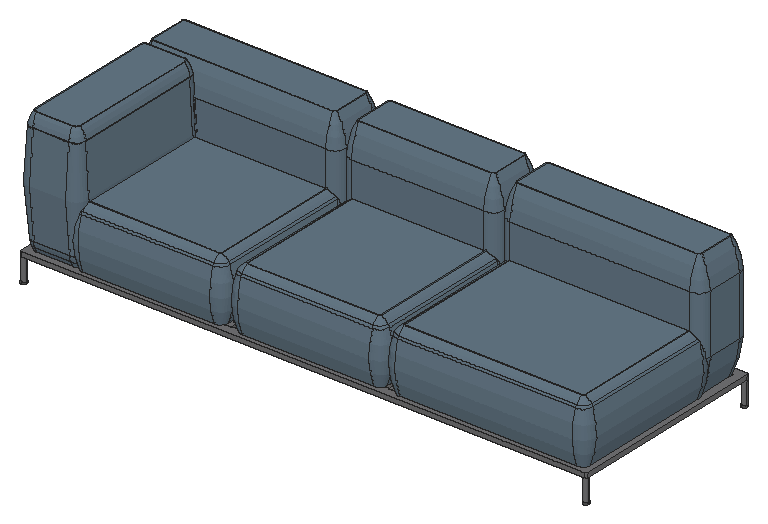
Revit family "Haworth_Mex-Hi_Sofa_OneArm", category Furniture, Revit 2018 (continued)
Definition of nested family "Haworth_Mex-Hi_Sofa_Seat-Wide-PART"
  Forms (in)
    Extrusion 8, solid, material <- "Seat Upholstery Finish", visible <- "Middle Large Seat"
      sketch origin (4.78944, 14.97405, 0) x (1, 0, 0) y (0, 1, 0)
        loop
          line (-30.80933, -37.90039) -> (8.99067, -37.90039)
          arc (8.99067, -37.90039) -> (9.13765, -37.83951) -> (9.19853, -37.69252) r 0.20787
          line (9.19853, -37.69252) -> (9.19853, -14.53597)
      from 4.88189 to 15.36974
  Lines and regions (in)
    Masking region 1, visible <- "Middle Small Seat"
      outline origin (0, 0, 0) x (1, 0, 0) y (0, 1, 0)
        loop
          line (-23.80117, 0.15039) -> (-23.80117, -22.93079)
          arc (-23.80117, -22.93079) -> (-23.06894, -24.69856) -> (-21.30117, -25.43079) r 2.5
          line (-21.30117, -25.43079) -> (9.06138, -25.43079)
          arc (9.06138, -25.43079) -> (10.82915, -24.69856) -> (11.56138, -22.93079) r 2.5
          line (11.56138, -22.93079) -> (11.56138, 0.15039)
          arc (11.56138, 0.15039) -> (10.82915, 1.91816) -> (9.06138, 2.65039) r 2.5
          line (9.06138, 2.65039) -> (-21.30117, 2.65039)
          arc (-21.30117, 2.65039) -> (-23.06894, 1.91816) -> (-23.80117, 0.15039) r 2.5
    Masking region 2, visible <- "L/R Seat"
      outline origin (0, 0, 0) x (1, 0, 0) y (0, 1, 0)
        loop
          line (-19.80117, 0.15039) -> (-19.80117, -22.93079)
          arc (-19.80117, -22.93079) -> (-19.06894, -24.69856) -> (-17.30117, -25.43079) r 2.5
          line (-17.30117, -25.43079) -> (5.06138, -25.43079)
          arc (5.06138, -25.43079) -> (6.82915, -24.69856) -> (7.56138, -22.93079) r 2.5
          line (7.56138, -22.93079) -> (7.56138, 0.15039)
          arc (7.56138, 0.15039) -> (6.82915, 1.91816) -> (5.06138, 2.65039) r 2.5
          line (5.06138, 2.65039) -> (-17.30117, 2.65039)
          arc (-17.30117, 2.65039) -> (-19.06894, 1.91816) -> (-19.80117, 0.15039) r 2.5
    Masking region 3, visible <- "Peninsula Seat"
      outline origin (0, 0, 0) x (1, 0, 0) y (0, 1, 0)
        loop
          line (4.77305, 0.27539) -> (-28.30117, 0.27539)
          arc (-28.30117, 0.27539) -> (-29.89216, -0.38362) -> (-30.55117, -1.97461) r 2.25
          line (-30.55117, -1.97461) -> (-30.55117, -23.05579)
          arc (-30.55117, -23.05579) -> (-29.89216, -24.64678) -> (-28.30117, -25.30579) r 2.25
          line (-28.30117, -25.30579) -> (18.93638, -25.30579)
          arc (18.93638, -25.30579) -> (20.52737, -24.64678) -> (21.18638, -23.05579) r 2.25
          line (21.18638, -23.05579) -> (21.18638, 8.52539)
          arc (21.18638, 8.52539) -> (20.52737, 10.11638) -> (18.93638, 10.77539) r 2.25
          line (18.93638, 10.77539) -> (7.02305, 10.77539)
          arc (7.02305, 10.77539) -> (5.43206, 10.11638) -> (4.77305, 8.52539) r 2.25
          line (4.77305, 8.52539) -> (4.77305, 0.27539)
    Masking region 4, visible <- "Middle Large Seat"
      outline origin (0, 0, 0) x (1, 0, 0) y (0, 1, 0)
        loop
          line (-28.42172, 0.15039) -> (-28.42172, -22.93079)
          arc (-28.42172, -22.93079) -> (-27.68949, -24.69856) -> (-25.92172, -25.43079) r 2.5
          line (-25.92172, -25.43079) -> (13.61448, -25.43079)
          arc (13.61448, -25.43079) -> (15.38225, -24.69856) -> (16.11448, -22.93079) r 2.5
          line (16.11448, -22.93079) -> (16.11448, 0.15039)
          arc (16.11448, 0.15039) -> (15.38225, 1.91816) -> (13.61448, 2.65039) r 2.5
          line (13.61448, 2.65039) -> (-25.92172, 2.65039)
          arc (-25.92172, 2.65039) -> (-27.68949, 1.91816) -> (-28.42172, 0.15039) r 2.5
  Dimensions and locks (in)
    equal spacing: plane 8 "Left", plane 2 "Center L/R", plane 7 "Right"
    "Actual Width": plane 8 "Left" to plane 7 "Right"
    equal spacing: plane 5 "Back", plane 3 "Center F/B", plane 6 "Front"
    "Actual Depth": plane 5 "Back" to plane 6 "Front"
    "Actual Height": plane 4 "Top" to plane 1
    "Seat Height": plane 9 to level
    aligned and locked: Sweep 7 to Extrusion 8 sketch curve
    aligned and locked: Extrusion 8 sketch curve to Sweep 7
  Automatic sketch dimensions
    plane 8 "Left" to Extrusion 1 sketch curve = 2.29174"
    Extrusion 1 sketch curve to Extrusion 1 sketch curve = 0.20787"  (x3)
    Extrusion 1 sketch curve to plane 7 "Right" = 2.49961"  (x2)
    plane 6 "Front" to Extrusion 1 sketch curve = 2.72405"
    Extrusion 1 sketch curve to plane 5 "Back" = 2.71232"
    plane 8 "Left" to Sweep 2 sketch curve = 0.74961"
    Sweep 2 sketch curve to plane 5 "Back" = 0.96232"
    Sweep 2 sketch curve to Sweep 2 sketch curve = 1.75"  (x2)
    plane 6 "Front" to Sweep 2 sketch curve = 1.18191"
    Sweep 2 sketch curve to plane 7 "Right" = 2.49961"  (x2)
    Sweep 2 sketch curve to plane 7 "Right" = 0.74961"
    profile plane to Sweep 2 sketch curve = 12.08096"
    profile plane to Sweep 2 sketch curve = 3.28358"
    profile plane to Sweep 2 sketch curve = 1.54213"
    profile plane to Sweep 2 sketch curve = 1.45935"
    profile plane to Sweep 2 sketch curve = 0.41268"
    level to Sweep 2 sketch curve = 4.88189"
    level to Sweep 2 sketch curve = 9.80008"
    Sweep 2 sketch curve to Sweep 2 sketch curve = 7.21954"
    Sweep 2 sketch curve to Sweep 2 sketch curve = 1.36158"
    Sweep 2 sketch curve to Sweep 2 sketch curve = 1.90673"
    Sweep 2 sketch curve to Sweep 2 sketch curve = 0.00"
    plane 6 "Front" to Extrusion 3 sketch curve = 2.93191"  (x2)
    plane 8 "Left" to Extrusion 3 sketch curve = 6.29174"
    Extrusion 3 sketch curve to Extrusion 3 sketch curve = 0.20787"  (x2)
    Extrusion 3 sketch curve to plane 5 "Back" = 2.71232"
    Extrusion 3 sketch curve to plane 7 "Right" = 6.49961"  (x2)
    plane 8 "Left" to Sweep 4 sketch curve = 4.74961"
    Sweep 4 sketch curve to plane 5 "Back" = 0.96232"
    Sweep 4 sketch curve to Sweep 4 sketch curve = 1.75"  (x3)
    plane 6 "Front" to Sweep 4 sketch curve = 1.18191"
    plane 6 "Front" to Sweep 4 sketch curve = 2.93191"
    Sweep 4 sketch curve to plane 7 "Right" = 6.49961"
    profile plane to Sweep 4 sketch curve = 12.08096"
    profile plane to Sweep 4 sketch curve = 3.28358"
    profile plane to Sweep 4 sketch curve = 1.54213"
    profile plane to Sweep 4 sketch curve = 1.45935"
    profile plane to Sweep 4 sketch curve = 0.41268"
    level to Sweep 4 sketch curve = 4.88189"
    level to Sweep 4 sketch curve = 9.80008"
    Sweep 4 sketch curve to Sweep 4 sketch curve = 7.21954"
    Sweep 4 sketch curve to Sweep 4 sketch curve = 1.36158"
    Sweep 4 sketch curve to Sweep 4 sketch curve = 1.90673"
    Sweep 4 sketch curve to Sweep 4 sketch curve = 0.00"
    plane 8 "Left" to Masking region 1 sketch curve = 0.16833"
    plane 6 "Front" to Masking region 1 sketch curve = 0.4696"
    plane 8 "Left" to Masking region 1 sketch curve = 2.66833"
    Masking region 1 sketch curve to Masking region 1 sketch curve = 2.50"
    Masking region 1 sketch curve to plane 5 "Back" = 0.25"
    Masking region 1 sketch curve to plane 7 "Right" = 2.66833"  (x2)
    Masking region 1 sketch curve to plane 7 "Right" = 0.16833"
    plane 8 "Left" to Masking region 2 sketch curve = 4.16833"
    Masking region 2 sketch curve to Masking region 2 sketch curve = 2.50"  (x3)
    Masking region 2 sketch curve to plane 5 "Back" = 0.25"
    Masking region 2 sketch curve to plane 7 "Right" = 6.66833"  (x2)
    plane 6 "Front" to Masking region 2 sketch curve = 0.4696"
    Sweep 5 sketch curve to plane 8 "Left" = 5.99435"
    Sweep 5 sketch curve to Sweep 5 sketch curve = 1.75"  (x4)
    Sweep 5 sketch curve to plane 7 "Right" = 6.36935"
    plane 7 "Right" to Sweep 5 sketch curve = 7.11935"  (x2)
    plane 6 "Front" to Sweep 5 sketch curve = 2.93191"
    Sweep 5 sketch curve to plane 5 "Back" = 4.96232"
    plane 5 "Back" to Sweep 5 sketch curve = 5.53768"
    profile plane to Sweep 5 sketch curve = 12.08096"
    profile plane to Sweep 5 sketch curve = 3.28358"
    profile plane to Sweep 5 sketch curve = 1.54213"
    profile plane to Sweep 5 sketch curve = 1.45935"
    profile plane to Sweep 5 sketch curve = 0.41268"
    level to Sweep 5 sketch curve = 4.88189"
    level to Sweep 5 sketch curve = 9.80008"
    Sweep 5 sketch curve to Sweep 5 sketch curve = 7.21954"
    Sweep 5 sketch curve to Sweep 5 sketch curve = 1.36158"
    Sweep 5 sketch curve to Sweep 5 sketch curve = 1.90673"
    Sweep 5 sketch curve to Sweep 5 sketch curve = 0.00"
    Extrusion 6 sketch curve to plane 8 "Left" = 4.45222"
    Extrusion 6 sketch curve to Extrusion 6 sketch curve = 0.20787"  (x4)
    Extrusion 6 sketch curve to plane 7 "Right" = 4.82722"
    plane 6 "Front" to Extrusion 6 sketch curve = 2.72405"
    plane 7 "Right" to Extrusion 6 sketch curve = 7.11935"  (x2)
    Extrusion 6 sketch curve to plane 5 "Back" = 4.96232"
    plane 5 "Back" to Extrusion 6 sketch curve = 5.53768"
    Masking region 3 sketch curve to plane 8 "Left" = 6.58167"
    plane 6 "Front" to Masking region 3 sketch curve = 0.5946"
    Masking region 3 sketch curve to Masking region 3 sketch curve = 2.25"  (x4)
    Masking region 3 sketch curve to plane 5 "Back" = 2.625"
    Masking region 3 sketch curve to plane 7 "Right" = 6.95667"
    plane 7 "Right" to Masking region 3 sketch curve = 7.20667"  (x2)
    plane 5 "Back" to Masking region 3 sketch curve = 5.625"
    Sweep 7 sketch curve to plane 8 "Left" = 3.80039"
    Sweep 7 sketch curve to plane 5 "Back" = 0.96232"
    Sweep 7 sketch curve to plane 8 "Left" = 2.05039"  (x2)
    plane 6 "Front" to Sweep 7 sketch curve = 1.18191"
    plane 7 "Right" to Sweep 7 sketch curve = 2.05039"  (x2)
    Sweep 7 sketch curve to Sweep 7 sketch curve = 1.75"
    profile plane to Sweep 7 sketch curve = 12.08096"
    profile plane to Sweep 7 sketch curve = 3.28358"
    profile plane to Sweep 7 sketch curve = 1.54213"
    profile plane to Sweep 7 sketch curve = 1.45935"
    profile plane to Sweep 7 sketch curve = 0.41268"
    level to Sweep 7 sketch curve = 4.88189"
    level to Sweep 7 sketch curve = 9.80008"
    Sweep 7 sketch curve to Sweep 7 sketch curve = 7.21954"
    Sweep 7 sketch curve to Sweep 7 sketch curve = 1.36158"
    Sweep 7 sketch curve to Sweep 7 sketch curve = 1.90673"
    Sweep 7 sketch curve to Sweep 7 sketch curve = 0.00"
    Extrusion 8 sketch curve to Extrusion 8 sketch curve = 0.20787"  (x4)
    plane 6 "Front" to Extrusion 8 sketch curve = 2.97405"
    Extrusion 8 sketch curve to plane 5 "Back" = 2.46232"
    Masking region 4 sketch curve to plane 5 "Back" = 2.75"
    Masking region 4 sketch curve to plane 8 "Left" = 4.45222"
    plane 6 "Front" to Masking region 4 sketch curve = 0.4696"
    Masking region 4 sketch curve to plane 8 "Left" = 1.95222"  (x2)
    plane 7 "Right" to Masking region 4 sketch curve = 1.88477"  (x2)
    Masking region 4 sketch curve to Masking region 4 sketch curve = 2.50"
Definition of nested family "Haworth_Mex-Hi_Sofa_Arm-Wide-PART"
  Parameters (values of type "Arm Wide - PART")
    Warranty = "http://www.haworth.com/resources/product-info/warranties"
    URL - Product = "https://www.haworth.com/na/en/products/lounge-sofas/ottomans/mex-hi-seating.html"
    URL = "https://www.haworth.com/na/en/about/brands/haworth-collection.html"
    Sustainability Info = "https://www.haworth.com/na/en/expertise/sustainability.html"
    Size = "Verify Final Dim. w/ Haworth"  # constant formula
    Seat Height = 17.00"  # constant formula
    Revision Number = "1"  # constant formula
    Model = "Haworth - Cassina - Mex-Hi"  # constant formula
    Manufacturer = "Haworth"  # constant formula
    Description = "Haworth - Cassina - Mex-Hi - Arm - Wide - PART"  # constant formula
    Author = "Haworth (Abd Rahman)"  # constant formula
    Assembly Code = "E2020200"
    Arm Finish [instance] = none
    Actual Width = 10.60"  # constant formula
    Actual Height = 27.39844"  # constant formula
    Actual Depth = 26.95"  # constant formula
  Reference planes (in)
    plane 1: z = 0
    plane 2 "Top": z = 27.39844
    plane 3: z = 17
    plane 4 "Center (Left/Right)": x = -6.86693
    plane 5 "Right": x = -1.56693
    plane 6 "Left": x = -12.16693
    plane 7 "Back": y = 4.0526
    plane 8 "Front": y = -22.8974
    plane 9 "Center (Front/Back)": y = -9.4224
  Forms (in)
    Extrusion 1, solid, material <- "Arm Finish"
      sketch origin (0.63191, -49.7521, 0) x (0, -1, 0) y (1, 0, 0)
        loop
          arc (-51.61789, -3.68512) -> (-52.10354, -3.88628) -> (-52.3047, -4.37193) r 0.68681
          line (-52.3047, -4.37193) -> (-52.3047, -10.62086)
          arc (-52.3047, -10.62086) -> (-52.10354, -11.10651) -> (-51.61789, -11.30768) r 0.68681
          line (-51.61789, -11.30768) -> (-29.02629, -11.30768)
          arc (-29.02629, -11.30768) -> (-28.54064, -11.10651) -> (-28.33948, -10.62086) r 0.68681
          line (-28.33948, -10.62086) -> (-28.33948, -4.37193)
          arc (-28.33948, -4.37193) -> (-28.54064, -3.88628) -> (-29.02629, -3.68512) r 0.68681
          line (-29.02629, -3.68512) -> (-51.61789, -3.68512)
      from 4.93145 to 26.69365
    Sweep 2, solid, material <- "Arm Finish"
      path origin (2.28007, -11.64795, 0) x (0, -1, 0) y (1, 0, 0)
        loop
          arc (-13.51374, -5.2201) -> (-14.07942, -5.45441) -> (-14.31374, -6.0201) r 0.8
          line (-14.31374, -6.0201) -> (-14.31374, -12.26903)
          arc (-14.31374, -12.26903) -> (-14.07942, -12.83471) -> (-13.51374, -13.06903) r 0.8
          line (-13.51374, -13.06903) -> (9.07287, -13.06903)
          arc (9.07287, -13.06903) -> (9.63856, -12.83471) -> (9.87287, -12.26903) r 0.8
          line (9.87287, -12.26903) -> (9.87287, -6.0201)
          arc (9.87287, -6.0201) -> (9.63856, -5.45441) -> (9.07287, -5.2201) r 0.8
          line (9.07287, -5.2201) -> (-13.51374, -5.2201)
      profile origin (-2.94003, -9.42752, 0) x (1, 0, 0) y (0, 0, 1)
        loop
          arc (-0.11319, 4.93145) -> (0.10629, 5.35475) -> (0.30664, 5.78743) r 10.67748
          arc (0.30664, 5.78743) -> (0.49657, 6.31175) -> (0.61822, 6.85598) r 4.37313
          arc (0.61822, 6.85598) -> (1.36933, 15.6991) -> (0.85457, 24.55912) r 62.21694
          arc (0.85457, 24.55912) -> (0.85037, 24.58806) -> (0.84533, 24.61687) r 1
          arc (0.84533, 24.61687) -> (0.49365, 25.71414) -> (-0.11319, 26.69365) r 4.72445
          line (-0.11319, 26.69365) -> (-0.11319, 4.93145)
  Lines and regions (in)
    Masking region 1
      outline origin (0, 0, 0) x (1, 0, 0) y (0, 1, 0)
        loop
          line (-3.71693, 4.0526) -> (-10.01693, 4.0526)
          arc (-10.01693, 4.0526) -> (-11.53721, 3.42288) -> (-12.16693, 1.9026) r 2.15
          line (-12.16693, 1.9026) -> (-12.16693, -20.74456)
          arc (-12.16693, -20.74456) -> (-11.53638, -22.26685) -> (-10.0141, -22.8974) r 2.15284
          line (-10.0141, -22.8974) -> (-3.71693, -22.8974)
          arc (-3.71693, -22.8974) -> (-2.19665, -22.26768) -> (-1.56693, -20.7474) r 2.15
          line (-1.56693, -20.7474) -> (-1.56693, 1.9026)
          arc (-1.56693, 1.9026) -> (-2.19665, 3.42288) -> (-3.71693, 4.0526) r 2.15
  Dimensions and locks (in)
    "Actual Height": plane 2 "Top" to plane 1
    "Seat Height": plane 3 to level
    equal spacing: plane 6 "Left", plane 4 "Center (Left/Right)", plane 5 "Right"
    "Actual Width": plane 6 "Left" to plane 5 "Right"
    equal spacing: plane 8 "Front", plane 9 "Center (Front/Back)", plane 7 "Back"
    "Actual Depth": plane 8 "Front" to plane 7 "Back"
  Automatic sketch dimensions
    Sweep 2 sketch curve to Sweep 2 sketch curve = 0.80"  (x3)
    Sweep 2 sketch curve to Sweep 2 sketch curve = 0.00"  (x4)
    Sweep 2 sketch curve to Sweep 2 sketch curve = 6.24893"
    level to Sweep 2 sketch curve = 16.52967"
    profile plane to Sweep 2 sketch curve = 60.84208"
    profile plane to Sweep 2 sketch curve = 9.48023"
    profile plane to Sweep 2 sketch curve = 3.79596"
    profile plane to Sweep 2 sketch curve = 3.70172"
    profile plane to Sweep 2 sketch curve = 0.13707"
    profile plane to Sweep 2 sketch curve = 0.11319"
    level to Sweep 2 sketch curve = 10.05658"
    Sweep 2 sketch curve to Sweep 2 sketch curve = 2.52065"
    Sweep 2 sketch curve to Sweep 2 sketch curve = 2.60448"
    Sweep 2 sketch curve to Sweep 2 sketch curve = 13.67773"
    Sweep 2 sketch curve to Sweep 2 sketch curve = 0.69575"
    Sweep 2 sketch curve to Sweep 2 sketch curve = 2.26359"
    Extrusion 1 sketch curve to Extrusion 1 sketch curve = 0.68681"  (x3)
    Extrusion 1 sketch curve to Extrusion 1 sketch curve = 22.5916"
    Extrusion 1 sketch curve to Extrusion 1 sketch curve = 0.00"
    Extrusion 1 sketch curve to Extrusion 1 sketch curve = 6.24893"
    plane 6 "Left" to Extrusion 1 sketch curve = 1.49116"
    plane 6 "Left" to Sweep 2 sketch curve = 1.37798"
    plane 7 "Back" to Extrusion 1 sketch curve = 1.50"
    plane 7 "Back" to Sweep 2 sketch curve = 1.38681"
    plane 8 "Front" to Sweep 2 sketch curve = 2.17657"
    Masking region 1 sketch curve to plane 6 "Left" = 0.00"
    plane 6 "Left" to Masking region 1 sketch curve = 2.15"
    plane 8 "Front" to Masking region 1 sketch curve = 2.15284"
    Masking region 1 sketch curve to Masking region 1 sketch curve = 2.15284"
    Masking region 1 sketch curve to plane 5 "Right" = 2.15"  (x2)
    Masking region 1 sketch curve to plane 5 "Right" = 0.00"
    plane 7 "Back" to Masking region 1 sketch curve = 2.15"
Types (2): name | Two Seats | Three Seats | Description | Actual Width
  Three Seat Sofa | no | yes | "Haworth - Cassina - Mex-Hi - Sofa - With One Arm - Three Seat" | 98.40"
  Two Seat Sofa | yes | no | "Haworth - Cassina - Mex-Hi - Sofa - With One Arm - Wide Two Seat" | 70.90"
